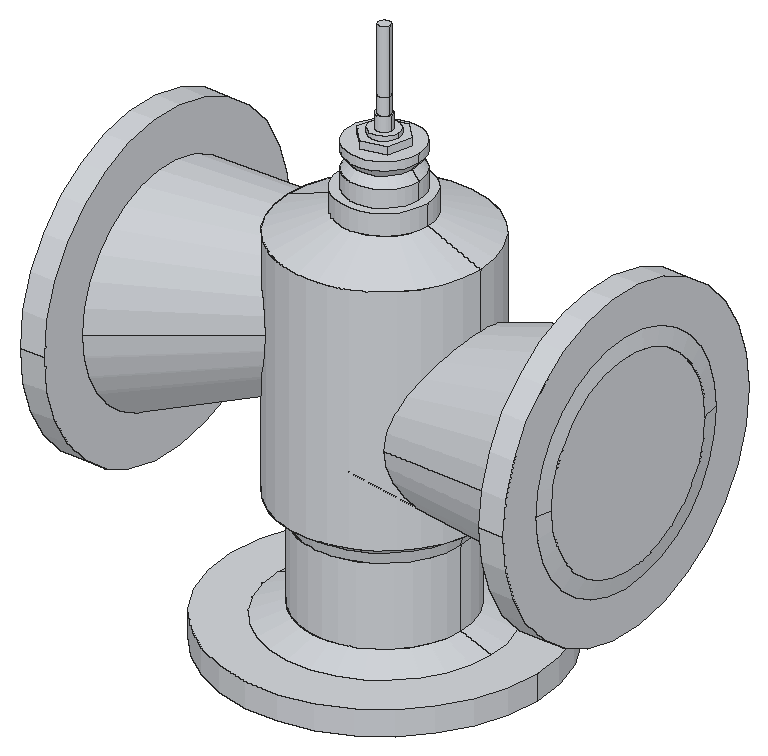
Revit family "3FGB_PN16_DN100_RFA_2019", category Pipe Accessories, Revit 2019
Family settings
  Round Connector Dimension = Use Diameter
  Part Type = Valve - Breaks Into
  Work Plane-Based = No
  Always vertical = Yes
  Cut with Voids When Loaded = No
  Shared = No
Parameters (values of type "3FGB PN16 DN100")
  magiProductId = ""
  magiProductFamilyId = ""
  magiPartTypeId = 320
  isMeasuringValve [instance] = no
  ang2D [instance] = 0.00°
  Z9 = 4.165 mm
  Z8 = 5.602 mm
  Z7 = 3 mm
  Z6 = 5.95 mm
  Z5 = 5.95 mm
  Z4 = 11.9 mm
  Z3 = 166.225 mm
  Z19 = 9.767 mm
  Z18 = 29.25 mm
  Z17 = 4.5 mm
  Z16 = 11.25 mm
  Z15 = 40.775 mm
  Z14__ve = -Z14  # -14.562 mm
  Z14 = 14.562 mm
  Z13 = 7.885 mm
  Z12 = 55.195 mm
  Z11 = 72 mm
  Z10 = 5.082 mm
  Y1 = 62.28 mm
  X4 = 17.3 mm
  X3 = 27.68 mm
  X2__ve = -X2  # -17.3 mm
  X2 = 17.3 mm
  X1 = 2 mm
  W2D = 100 mm
  VersionID = ""
  Use Minimum Symbol Size [instance] = no
  URL = "www.hydronix.cz"
  Type Comments = "Přírubový; EQM charakteristika ve směru A-AB; PN16; -10~+150°C"
  R9 = 4 mm
  R8 = 7.567 mm
  R7 = 10.089 mm
  R6 = 16.816 mm
  R5 = 19.93 mm
  R4 = 24.912 mm
  R3 = 31.14 mm
  R2 = 57.375 mm
  R13 = 55.08 mm
  R12 = 5.297 mm
  R11 = 10.215 mm
  R10 = 6.81 mm
  R1 = 45.9 mm
  QmdConnectorList = "301;D;302;D;303;D"
  Productdata [instance] = ""
  N = 8
  Manufacturer = "Hydronix"
  Maintenance Zone Under Depth [instance] = 207 mm
  Maintenance Zone Right Depth [instance] = 175 mm
  Maintenance Zone Over Depth [instance] = 221 mm
  Maintenance Zone Left Depth [instance] = 175 mm
  Maintenance Zone Front Depth [instance] = 110 mm
  Maintenance Zone Back Depth [instance] = 110 mm
  Maintenance Zone Front Visibility [instance] = no
  MT = 2
  MC Product Code = "3FGB100 (DN100; PN16; kvs130)"
  MC = yes
  LT2 = 175 mm
  L2D_Min = 30.48 mm
  L2D = 350 mm
  L = 350 mm
  HD = 18 mm
  HCDT2 = 76.5 mm
  HCD = 180 mm
  H4 = 175 mm
  H3 = 116.5 mm
  H2 = 45 mm
  H1 = 176 mm
  FDT2 = 110 mm
  FD = 220 mm
  Description = "3 cestný regulační ventil přírubový; DN100; PN16; kvs130; zdvih 45mm"
  DT2 = 50 mm
  D4 = 68.85 mm
  D3 = 81 mm
  D2 = 69.2 mm
  D = 100 mm
  CenSd_R6_6 = R6 * cos(30.00°)  # 14.563 mm
  Clearance Zone Height Depth [instance] = 221 mm
  Clearance Zone Circular Radius [instance] = 175 mm
  Clearance Zone Visibility [instance] = no
  CAT0 = yes
  CAT = no
  Assembly Code = ""
  A1 = 132.98 mm
Types (5, lengths in mm): name | Z9 | Z8 | Z6 | Z5 | Z4 | Z3 | Z19 | Z18 | Z17 | Z16 | Z15 | Z14__ve | Z14 | Z13 | Z12 | Z11 | Z10 | Y1 | X4 | X3 | X2__ve | X2 | W2D | R8 | R7 | R6 | R5 | R4 | R3 | R2 | R13 | R12 | R11 | R10 | R1 | N | Maintenance Zone Under Depth | Maintenance Zone Right Depth | Maintenance Zone Over Depth | Maintenance Zone Left Depth | Maintenance Zone Front Depth | Maintenance Zone Back Depth | MC Product Code | LT2 | L2D | L | HD | HCDT2 | HCD | H4 | H3 | H2 | H1 | FDT2 | FD | Description | DT2 | D4 | D3 | D2 | D | CenSd_R6_6 | Clearance Zone Height Depth | Clearance Zone Circular Radius | A1
  3FGB PN16 DN100 | 4.165 | 5.602 | 5.95 | 5.95 | 11.9 | 166.225 | 9.767 | 29.25 | 4.5 | 11.25 | 40.775 | -14.562 | 14.562 | 7.885 | 55.195 | 72 | 5.082 | 62.28 | 17.3 | 27.68 | -17.3 | 17.3 | 100 | 7.567 | 10.089 | 16.816 | 19.93 | 24.912 | 31.14 | 57.375 | 55.08 | 5.297 | 10.215 | 6.81 | 45.9 | 8 | 207 | 175 | 221 | 175 | 110 | 110 | "3FGB100 (DN100; PN16; kvs130)" | 175 | 350 | 350 | 18 | 76.5 | 180 | 175 | 116.5 | 45 | 176 | 110 | 220 | "3 cestný regulační ventil přírubový; DN100; PN16; kvs130; zdvih 45mm" | 50 | 68.85 | 81 | 69.2 | 100 | 14.563 | 221 | 175 | 132.98
  3FGB PN16 DN125 | 4.2 | 5.7 | 6 | 6 | 12 | 194.35 | 9.9 | 29.25 | 4.5 | 11.25 | 48.65 | -17.375 | 17.375 | 9.01 | 63.07 | 84 | 5.1 | 71.28 | 19.8 | 31.68 | -19.8 | 19.8 | 125 | 8.661 | 11.547 | 19.246 | 22.81 | 28.512 | 35.64 | 68.625 | 65.88 | 6.062 | 11.692 | 7.794 | 54.9 | 8 | 234 | 200 | 244 | 200 | 125 | 125 | "3FGB125 (DN125; PN16; kvs200)" | 200 | 400 | 400 | 18 | 91.5 | 210 | 200 | 139 | 45 | 199 | 125 | 250 | "3 cestný regulační ventil přírubový; DN125; PN16; kvs200; zdvih 45mm" | 62.5 | 81.6 | 96 | 79.2 | 125 | 16.667 | 244 | 200 | 155.48
  3FGB PN16 DN150 | 4.2 | 5.7 | 6 | 6 | 12 | 225.85 | 9.9 | 29.25 | 4.5 | 11.25 | 54.95 | -19.625 | 19.625 | 10.81 | 75.67 | 96 | 5.1 | 85.68 | 23.8 | 38.08 | -23.8 | 23.8 | 150 | 10.41 | 13.88 | 23.134 | 27.418 | 34.272 | 42.84 | 77.625 | 74.52 | 7.287 | 14.054 | 9.369 | 62.1 | 8 | 277 | 240 | 262 | 240 | 142.5 | 142.5 | "3FGB150 (DN150; PN16; kvs300)" | 240 | 480 | 480 | 22 | 103.5 | 240 | 240 | 157 | 45 | 217 | 142.5 | 285 | "3 cestný regulační ventil přírubový; DN150; PN16; kvs300; zdvih 45mm" | 75 | 92.65 | 109 | 95.2 | 150 | 20.034 | 262 | 240 | 180.68
  3FGB PN16 DN065 | 4.2 | 5.7 | 6 | 6 | 12 | 136.6 | 9.9 | 16.25 | 2.5 | 6.25 | 33.25 | -11.875 | 11.875 | 6.535 | 45.745 | 58 | 5.1 | 51.48 | 14.3 | 22.88 | -14.3 | 14.3 | 65 | 6.255 | 8.34 | 13.9 | 16.474 | 20.592 | 25.74 | 44.25 | 42.48 | 4.378 | 8.444 | 5.629 | 35.4 | 4 | 175 | 145 | 180 | 145 | 92.5 | 92.5 | "3FGB65 (DN65; PN16; kvs63)" | 145 | 290 | 290 | 18 | 59 | 145 | 145 | 95 | 25 | 155 | 92.5 | 185 | "3 cestný regulační ventil přírubový; DN65; PN16; kvs63; zdvih 25mm" | 32.5 | 53.975 | 63.5 | 57.2 | 65 | 12.037 | 180 | 145 | 109.28
  3FGB PN16 DN080 | 4.2 | 5.7 | 6 | 6 | 12 | 148.6 | 9.9 | 29.25 | 4.5 | 11.25 | 36.75 | -13.125 | 13.125 | 6.985 | 48.895 | 64 | 5.1 | 55.08 | 15.3 | 24.48 | -15.3 | 15.3 | 80 | 6.692 | 8.923 | 14.872 | 17.626 | 22.032 | 27.54 | 49.875 | 47.88 | 4.685 | 9.034 | 6.023 | 39.9 | 4 | 187 | 155 | 210 | 155 | 100 | 100 | "3FGB80 (DN80; PN16; kvs100)" | 155 | 310 | 310 | 18 | 66.5 | 160 | 155 | 105 | 45 | 165 | 100 | 200 | "3 cestný regulační ventil přírubový; DN80; PN16; kvs100; zdvih 45mm" | 40 | 60.35 | 71 | 61.2 | 80 | 12.879 | 210 | 155 | 118.88
Reference planes
  plane 1 "Center (Front/Back)": y = 0
  plane 2 "XYPLANE": z = 0
  plane 3 "Center (Left/Right)": x = 0
  plane 4 "227": z = -207
  plane 5 "226": y = 110
  plane 6 "225": y = -110
  plane 7 "224": x = 175
  plane 8 "223": x = -175
  plane 9 "222": z = 221
  plane 10 "182": z = 176
  plane 11 "161": z = 164.1
  plane 12 "158": z = 158.498
  plane 13 "150": z = 154.333
  plane 14 "148": z = 151.333
  plane 15 "142": z = 146.25
  plane 16 "136": z = 140.3
  plane 17 "135": z = 134.35
  plane 18 "131": z = 128.4
  plane 19 "78": z = 87.375
  plane 20 "77": z = 101.937
  plane 21 "74": z = 116.5
  plane 22 "70": z = -78.85
  plane 23 "65": z = -86.735
  plane 24 "64": z = -94.62
  plane 25 "58": z = -149.815
  plane 26 "57": z = -157.7
  plane 27 "46": z = -175
  plane 28 "28": x = 155.7
  plane 29 "27": x = 173
  plane 30 "21": z = -20
  plane 31 "16": z = 40.775
  plane 32 "13": x = -155.7
  plane 33 "7": x = -173
  plane 34 "6": x = 175
  plane 35 "5": x = -175
  plane 36 "3": y = 0
  plane 37 "2": z = 0
  plane 38 "1": x = 0
Forms (mm)
  Extrusion 1, solid, visible <- "Clearance Zone Visibility"
    sketch origin (-750, 0, 0) x (1, 0, 0) y (0, 1, 0)
      loop
        circle (750, 0) r 175
    from 0 to 221 <- "Clearance Zone Height Depth"
  Blend 2, solid, visible <- "Maintenance Zone Front Visibility"
    base sketch origin (-750, 0, 221) x (1, 0, 0) y (0, 1, 0)
      loop
        line (575, 110) -> (575, -110) -> (925, -110) -> (925, 110) -> (575, 110)
    top sketch origin (-750, 0, 221) x (1, 0, 0) y (0, 1, 0)
      loop
        line (575, 110) -> (575, -110) -> (925, -110) -> (925, 110) -> (575, 110)
    from 0 to -428
  Extrusion 3, solid
    sketch origin (-750, 0, 154.333) x (1, 0, 0) y (0, 1, 0)
      loop
        circle (750, 0) r 5.297
    from 0 to 9.767 <- "Z19"
  Extrusion 4, solid
    sketch origin (-750, 0, 176) x (1, 0, 0) y (0, 1, 0)
      loop
        circle (750, 0) r 4
    from 0 to 45 <- "H2"
  Extrusion 5, solid
    sketch origin (-750, 0, 164.1) x (1, 0, 0) y (0, 1, 0)
      loop
        circle (750, 0) r 4
    from 0 to 11.9 <- "Z4"
  Extrusion 6, solid
    sketch origin (-750, 0, 151.333) x (1, 0, 0) y (0, 1, 0)
      loop
        circle (750, 0) r 10.089
    from 0 to 3 <- "Z7"
  Extrusion 7, solid
    sketch origin (-750, 0, 146.25) x (1, 0, 0) y (0, 1, 0)
      loop
        line (761.89, -11.89) -> (766.243, 4.352) -> (754.352, 16.243) -> (738.11, 11.89) -> (733.757, -4.352) -> (745.648, -16.243) -> (761.89, -11.89)
    from 0 to 5.082 <- "Z10"
  Extrusion 8, solid
    sketch origin (-750, 0, 140.3) x (1, 0, 0) y (0, 1, 0)
      loop
        circle (750, 0) r 24.912
    from 0 to 5.95 <- "Z6"
  Blend 9, solid
    base sketch origin (-750, 0, 134.35) x (1, 0, 0) y (0, 1, 0)
      loop
        circle (750, 0) r 19.93
    top sketch origin (-750, 0, 134.35) x (1, 0, 0) y (0, 1, 0)
      loop
        circle (750, 0) r 24.912
    from 0 to 5.95
  Blend 10, solid
    base sketch origin (-750, 0, 128.4) x (1, 0, 0) y (0, 1, 0)
      loop
        circle (750, 0) r 24.912
    top sketch origin (-750, 0, 128.4) x (1, 0, 0) y (0, 1, 0)
      loop
        circle (750, 0) r 19.93
    from 0 to 5.95
  Extrusion 11, solid
    sketch origin (-750, 0, 116.5) x (1, 0, 0) y (0, 1, 0)
      loop
        circle (750, 0) r 24.912
    from 0 to 11.9 <- "Z4"
  Extrusion 12, solid
    sketch origin (-750, 0, 116.5) x (1, 0, 0) y (0, 1, 0)
      loop
        circle (750, 0) r 31.14
    from 0 to -14.562 <- "Z14__ve"
  Blend 13, solid
    base sketch origin (-750, 0, 87.375) x (1, 0, 0) y (0, 1, 0)
      loop
        circle (750, 0) r 69.2
    top sketch origin (-750, 0, 87.375) x (1, 0, 0) y (0, 1, 0)
      loop
        circle (750, 0) r 31.14
    from 0 to 14.563
  Blend 14, solid
    base sketch origin (-750, 0, -86.735) x (1, 0, 0) y (0, 1, 0)
      loop
        circle (750, 0) r 57.375
    top sketch origin (-750, 0, -86.735) x (1, 0, 0) y (0, 1, 0)
      loop
        circle (750, 0) r 69.2
    from 0 to 7.885
  Blend 15, solid
    base sketch origin (-750, 0, -94.62) x (1, 0, 0) y (0, 1, 0)
      loop
        circle (750, 0) r 55.08
    top sketch origin (-750, 0, -94.62) x (1, 0, 0) y (0, 1, 0)
      loop
        circle (750, 0) r 57.375
    from 0 to 7.885
  Extrusion 16, solid
    sketch origin (-750, 0, -149.815) x (1, 0, 0) y (0, 1, 0)
      loop
        circle (750, 0) r 55.08
    from 0 to 55.195 <- "Z12"
  Blend 17, solid
    base sketch origin (-750, 0, -157.7) x (1, 0, 0) y (0, 1, 0)
      loop
        circle (750, 0) r 76.5
    top sketch origin (-750, 0, -157.7) x (1, 0, 0) y (0, 1, 0)
      loop
        circle (750, 0) r 55.08
    from 0 to 7.885
  Extrusion 18, solid
    sketch origin (-750, 0, -175) x (1, 0, 0) y (0, 1, 0)
      loop
        circle (750, 0) r 110
    from 0 to 17.3 <- "X4"
  Blend 19, solid
    base sketch origin (173, -750, 0) x (0, 1, 0) y (0, 0, 1)
      loop
        circle (750, 0) r 81
    top sketch origin (173, -750, 0) x (0, 1, 0) y (0, 0, 1)
      loop
        circle (750, 0) r 68.85
    from 0 to 2
  Blend 20, solid
    base sketch origin (-175, -750, 0) x (0, 1, 0) y (0, 0, 1)
      loop
        circle (750, 0) r 68.85
    top sketch origin (-175, -750, 0) x (0, 1, 0) y (0, 0, 1)
      loop
        circle (750, 0) r 81
    from 0 to 2
  Extrusion 21, solid
    sketch origin (173, -750, 0) x (0, 1, 0) y (0, 0, 1)
      loop
        circle (750, 0) r 110
    from 0 to -17.3 <- "X2__ve"
  Blend 22, solid
    base sketch origin (0, -750, 0) x (0, 1, 0) y (0, 0, 1)
      loop
        circle (750, -20) r 45.9
    top sketch origin (0, -750, 0) x (0, 1, 0) y (0, 0, 1)
      loop
        circle (750, 0) r 76.5
    from 0 to 155.7
  Extrusion 23, solid
    sketch origin (-750, 0, -78.85) x (1, 0, 0) y (0, 1, 0)
      loop
        circle (750, 0) r 69.2
    from 0 to 166.225 <- "Z3"
  Blend 24, solid
    base sketch origin (-155.7, -750, 0) x (0, 1, 0) y (0, 0, 1)
      loop
        circle (750, 0) r 76.5
    top sketch origin (-155.7, -750, 0) x (0, 1, 0) y (0, 0, 1)
      loop
        circle (750, 40.775) r 45.9
    from 0 to 155.7
  Extrusion 25, solid
    sketch origin (-173, -750, 0) x (0, 1, 0) y (0, 0, 1)
      loop
        circle (750, 0) r 110
    from 0 to 17.3 <- "X2"
  Extrusion 26, solid, not visible
    sketch origin (-750, 0, -175) x (1, 0, 0) y (0, 1, 0)
      loop
        circle (750, 0) r 10
    from 0 to 10
  Extrusion 27, solid, not visible
    sketch origin (175, -750, 0) x (0, 1, 0) y (0, 0, 1)
      loop
        circle (750, 0) r 10
    from 0 to -10
  Extrusion 28, solid, not visible
    sketch origin (-175, -750, 0) x (0, 1, 0) y (0, 0, 1)
      loop
        circle (750, 0) r 10
    from 0 to 10
Lines and regions (mm)
  reference lines, not visible
    curve 1: circle (2, 2, 0) r 1 normal (0, 0, 1)
  reference lines
    curve 2: line (0, 0, 146.25) -> (2.176, 8.121, 146.25)
    curve 3: line (0, 0, 146.25) -> (-5.945, 5.945, 146.25)
    curve 4: line (0, 0, 146.25) -> (-8.121, -2.176, 146.25)
Dimensions and locks
  plane 1 "Center (Front/Back)" to curve 1 = 2 mm
  "Maintenance Zone Under Depth": plane 2 "XYPLANE" to plane 4 "227"
  "Maintenance Zone Back Depth": plane 1 "Center (Front/Back)" to plane 5 "226"
  "Maintenance Zone Front Depth": plane 1 "Center (Front/Back)" to plane 6 "225"
  "Maintenance Zone Right Depth": plane 3 "Center (Left/Right)" to plane 7 "224"
  "Maintenance Zone Left Depth": plane 3 "Center (Left/Right)" to plane 8 "223"
  "Maintenance Zone Over Depth": plane 2 "XYPLANE" to plane 9 "222"
  "Z4": plane 11 "161" to plane 10 "182"
  "Z8": plane 12 "158" to plane 11 "161"
  "Z9": plane 13 "150" to plane 12 "158"
  "Z7": plane 14 "148" to plane 13 "150"
  "Z10": plane 15 "142" to plane 14 "148"
  "Z6": plane 16 "136" to plane 15 "142"
  "Z5": plane 17 "135" to plane 16 "136"
  "Z5": plane 18 "131" to plane 17 "135"
  "Z4": plane 21 "74" to plane 18 "131"
  "Z14": plane 20 "77" to plane 19 "78"
  "Z14": plane 21 "74" to plane 20 "77"
  "H3": plane 2 "XYPLANE" to plane 21 "74"
  "Z13": plane 23 "65" to plane 22 "70"
  "Z13": plane 24 "64" to plane 23 "65"
  "Z12": plane 25 "58" to plane 24 "64"
  "Z13": plane 26 "57" to plane 25 "58"
  "X4": plane 27 "46" to plane 26 "57"
  "H4": plane 2 "XYPLANE" to plane 27 "46"
  "X2": plane 29 "27" to plane 28 "28"
  "X1": plane 34 "6" to plane 29 "27"
  locked: plane 37 "2" to plane 30 "21" at 20
  "Z15": plane 37 "2" to plane 31 "16"
  "X2": plane 33 "7" to plane 32 "13"
  "X1": plane 35 "5" to plane 33 "7"
  "LT2": plane 3 "Center (Left/Right)" to plane 34 "6"
  "LT2": plane 3 "Center (Left/Right)" to plane 35 "5"
  locked: plane 1 "Center (Front/Back)" to plane 36 "3"
  locked: plane 2 "XYPLANE" to plane 37 "2"
  locked: plane 3 "Center (Left/Right)" to plane 38 "1"
  Blend 2 sketch curve to Blend 2 sketch curve = 0 mm  (x16)
  "CenSd_R6_6": curve 2 to Extrusion 7 sketch curve  (x2)
  "CenSd_R6_6": curve 3 to Extrusion 7 sketch curve  (x2)
  "CenSd_R6_6": curve 4 to Extrusion 7 sketch curve  (x2)
  Extrusion 7 sketch curve to Extrusion 7 sketch curve = 0 mm  (x12)
  "Clearance Zone Circular Radius": radius of Extrusion 1 sketch curve
  "R12": radius of Extrusion 3 sketch curve
  "R9": radius of Extrusion 4 sketch curve
  "R9": radius of Extrusion 5 sketch curve
  "R7": radius of Extrusion 6 sketch curve
  "R4": radius of Extrusion 8 sketch curve
  "R4": radius of Blend 9 sketch curve
  "R5": radius of Blend 9 sketch curve
  "R5": radius of Blend 10 sketch curve
  "R4": radius of Blend 10 sketch curve
  "R4": radius of Extrusion 11 sketch curve
  "R3": radius of Extrusion 12 sketch curve
  "R3": radius of Blend 13 sketch curve
  "D2": radius of Blend 13 sketch curve
  "D2": radius of Blend 14 sketch curve
  "R2": radius of Blend 14 sketch curve
  "R2": radius of Blend 15 sketch curve
  "R13": radius of Blend 15 sketch curve
  "R13": radius of Extrusion 16 sketch curve
  "R13": radius of Blend 17 sketch curve
  "HCDT2": radius of Blend 17 sketch curve
  "FDT2": radius of Extrusion 18 sketch curve
  "D4": radius of Blend 19 sketch curve
  "D3": radius of Blend 19 sketch curve
  "D3": radius of Blend 20 sketch curve
  "D4": radius of Blend 20 sketch curve
  "FDT2": radius of Extrusion 21 sketch curve
  "HCDT2": radius of Blend 22 sketch curve
  "R1": radius of Blend 22 sketch curve
  "D2": radius of Extrusion 23 sketch curve
  "R1": radius of Blend 24 sketch curve
  "HCDT2": radius of Blend 24 sketch curve
  "FDT2": radius of Extrusion 25 sketch curve
  locked: curve 3 to curve 2 (angle 60.00°)
  locked: curve 4 to curve 3 (angle 60.00°)
  locked: curve 4 to curve 2 (angle 120.00°)
  aligned and locked: level to plane 2 "XYPLANE"
  aligned and locked: plane 36 "3" to Extrusion 1 sketch curve
  aligned and locked: plane 38 "1" to Extrusion 1 sketch curve
  aligned and locked: Blend 2 sketch curve to plane 8 "223"  (x2)
  aligned and locked: plane 5 "226" to Blend 2 sketch curve  (x4)
  aligned and locked: plane 6 "225" to Blend 2 sketch curve  (x4)
  aligned and locked: plane 8 "223" to Blend 2 sketch curve  (x2)
  aligned and locked: plane 7 "224" to Blend 2 sketch curve  (x4)
  aligned and locked: Blend 2 to plane 4 "227"
  aligned and locked: plane 36 "3" to Extrusion 3 sketch curve
  aligned and locked: plane 38 "1" to Extrusion 3 sketch curve
  aligned and locked: plane 36 "3" to Extrusion 4 sketch curve
  aligned and locked: plane 38 "1" to Extrusion 4 sketch curve
  aligned and locked: plane 36 "3" to Extrusion 5 sketch curve
  aligned and locked: plane 38 "1" to Extrusion 5 sketch curve
  aligned and locked: plane 36 "3" to Extrusion 6 sketch curve
  aligned and locked: plane 38 "1" to Extrusion 6 sketch curve
  aligned and locked: plane 36 "3" to curve 3
  aligned and locked: plane 38 "1" to curve 4
  aligned and locked: plane 36 "3" to Extrusion 8 sketch curve
  aligned and locked: plane 38 "1" to Extrusion 8 sketch curve
  aligned and locked: plane 36 "3" to Blend 9 sketch curve  (x2)
  aligned and locked: plane 38 "1" to Blend 9 sketch curve  (x2)
  aligned and locked: plane 16 "136" to Blend 9
  aligned and locked: plane 36 "3" to Blend 10 sketch curve  (x2)
  aligned and locked: plane 38 "1" to Blend 10 sketch curve  (x2)
  aligned and locked: plane 17 "135" to Blend 10
  aligned and locked: plane 36 "3" to Extrusion 11 sketch curve
  aligned and locked: plane 38 "1" to Extrusion 11 sketch curve
  aligned and locked: plane 36 "3" to Extrusion 12 sketch curve
  aligned and locked: plane 38 "1" to Extrusion 12 sketch curve
  aligned and locked: plane 36 "3" to Blend 13 sketch curve  (x2)
  aligned and locked: plane 38 "1" to Blend 13 sketch curve  (x2)
  aligned and locked: plane 20 "77" to Blend 13
  aligned and locked: plane 36 "3" to Blend 14 sketch curve  (x2)
  aligned and locked: plane 38 "1" to Blend 14 sketch curve  (x2)
  aligned and locked: plane 22 "70" to Blend 14
  aligned and locked: plane 36 "3" to Blend 15 sketch curve  (x2)
  aligned and locked: plane 38 "1" to Blend 15 sketch curve  (x2)
  aligned and locked: plane 23 "65" to Blend 15
  aligned and locked: plane 36 "3" to Extrusion 16 sketch curve
  aligned and locked: plane 38 "1" to Extrusion 16 sketch curve
  aligned and locked: plane 36 "3" to Blend 17 sketch curve  (x2)
  aligned and locked: plane 38 "1" to Blend 17 sketch curve  (x2)
  aligned and locked: plane 25 "58" to Blend 17
  aligned and locked: plane 36 "3" to Extrusion 18 sketch curve
  aligned and locked: plane 38 "1" to Extrusion 18 sketch curve
  aligned and locked: Blend 19 sketch curve to plane 36 "3"  (x2)
  aligned and locked: plane 37 "2" to Blend 19 sketch curve  (x2)
  aligned and locked: plane 34 "6" to Blend 19
  aligned and locked: Blend 20 sketch curve to plane 36 "3"  (x2)
  aligned and locked: plane 37 "2" to Blend 20 sketch curve  (x2)
  aligned and locked: plane 33 "7" to Blend 20
  aligned and locked: Extrusion 21 sketch curve to plane 36 "3"
  aligned and locked: plane 37 "2" to Extrusion 21 sketch curve
  aligned and locked: Blend 22 sketch curve to plane 36 "3"  (x2)
  aligned and locked: plane 37 "2" to Blend 22 sketch curve
  aligned and locked: plane 30 "21" to Blend 22 sketch curve
  aligned and locked: plane 28 "28" to Blend 22
  aligned and locked: plane 36 "3" to Extrusion 23 sketch curve
  aligned and locked: plane 38 "1" to Extrusion 23 sketch curve
  aligned and locked: plane 31 "16" to Blend 24 sketch curve
  aligned and locked: plane 36 "3" to Blend 24 sketch curve
  aligned and locked: Blend 24 sketch curve to plane 36 "3"
  aligned and locked: plane 37 "2" to Blend 24 sketch curve
  aligned and locked: plane 38 "1" to Blend 24
  aligned and locked: Extrusion 25 sketch curve to plane 36 "3"
  aligned and locked: plane 37 "2" to Extrusion 25 sketch curve
  aligned and locked: plane 36 "3" to Extrusion 26 sketch curve
  aligned and locked: plane 38 "1" to Extrusion 26 sketch curve
  aligned and locked: Extrusion 27 sketch curve to plane 36 "3"
  aligned and locked: plane 37 "2" to Extrusion 27 sketch curve
  aligned and locked: Extrusion 28 sketch curve to plane 36 "3"
  aligned and locked: plane 37 "2" to Extrusion 28 sketch curve
Automatic sketch dimensions
  plane 1 "Center (Front/Back)" to curve 4 = 2.176 mm
  plane 1 "Center (Front/Back)" to Extrusion 26 sketch curve = 10 mm
  plane 1 "Center (Front/Back)" to Extrusion 27 sketch curve = 10 mm
  plane 1 "Center (Front/Back)" to Extrusion 28 sketch curve = 10 mm
  plane 3 "Center (Left/Right)" to curve 1 = 2 mm
  radius of curve 1 = 1 mm
Connectors
  piping at (-175, 0, 0), diameter 100, driven by "D"
    settings: on Extrusion 28, index 1, connector inside diameter 609.6 mm, connector length 0 mm, flow factor 0, pipe flow 0.0 L/s, pressure drop 0.0 Pa, fitting loss kfactor 0, connector angle 0.00°, fixture units 0, engagement length 0 mm, angle of deflection 0.00°, flow configuration 0, flow direction 0, fitting loss method 0, system type 29, joint type 0, gender type 0, connector reference index -1, connector utility 0, adjustable connector yes, is connector primary yes, connector description ""
  piping at (175, 0, 0), diameter 100, driven by "D"
    settings: on Extrusion 27, index 2, connector inside diameter 609.6 mm, connector length 0 mm, flow factor 0, pipe flow 0.0 L/s, pressure drop 0.0 Pa, fitting loss kfactor 0, connector angle 0.00°, fixture units 0, engagement length 0 mm, angle of deflection 0.00°, flow configuration 0, flow direction 0, fitting loss method 0, system type 29, joint type 0, gender type 0, connector reference index -1, connector utility 0, adjustable connector yes, is connector primary no, connector description ""
  piping at (0, 0, -175), diameter 100, driven by "D"
    settings: on Extrusion 26, index 3, connector inside diameter 609.6 mm, connector length 0 mm, flow factor 0, pipe flow 0.0 L/s, pressure drop 0.0 Pa, fitting loss kfactor 0, connector angle 0.00°, fixture units 0, engagement length 0 mm, angle of deflection 0.00°, flow configuration 0, flow direction 0, fitting loss method 0, system type 29, joint type 0, gender type 0, connector reference index -1, connector utility 0, adjustable connector yes, is connector primary no, connector description ""
